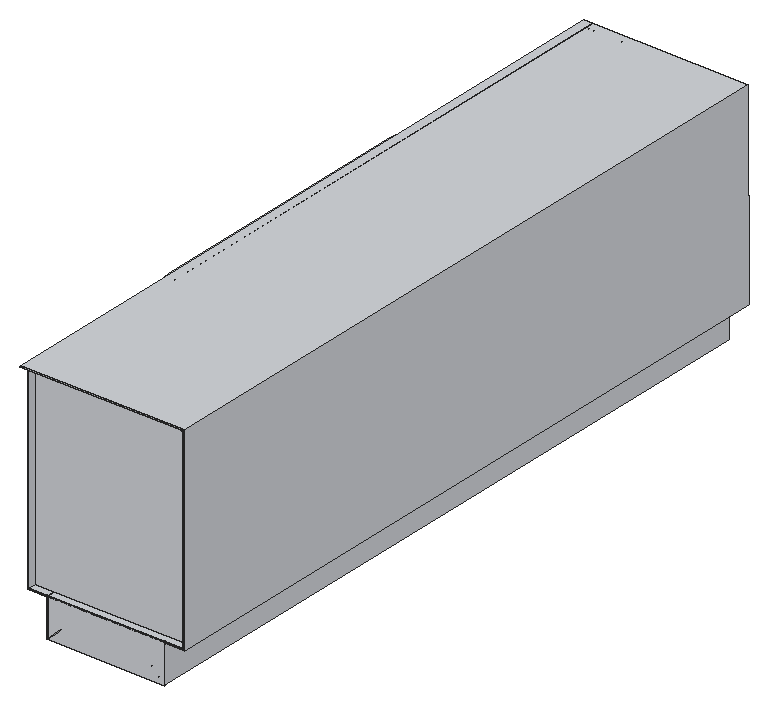
Revit family "Plenum (P-N, P-L) (Arrangement F) (Oval Inlet)", category Mechanical Equipment, Revit 2015
Parameters
  Width = 0' - 6"
  URL = "https://unitedenertech.com/catalog/pdf/I_2%20Model%20P-N,%20P-L,%20P-EX,%20P-N-SL,%20P-L-SL,%20P-EX-SL.pdf"
  Type Comments = "Consult Factory for Max. Sizes"
  P-L (Insulation Option) = yes
  Model = "P-N / P-L (Arrangement F) (Oval Inlet)"
  Manufacturer = "United Enertech Corporation"
  Major Axis = 1' - 6"
  Length = 3' - 0"
  Keynote = "Model Shown without Damper Option. Consult Factory for Models with Dampers."
  Minor Axis = 0' - 4"
  Hem Option = yes
  Height = 1' - 0"
  Description = "Plenum for Diffusers"
  C-C [instance] = Major Axis - Minor Axis  # 1' - 2"
  B = 0' - 1"
  A = 0' - 2"
Reference planes (in)
  plane 1 "Center (Front/Back)": y = 0
  plane 2: z = 0
  plane 3 "Center (Left/Right)": x = 0
  plane 4: x = 8
  plane 5: x = -1.5
  plane 6: x = 0.035
  plane 7: x = 7.965
  plane 8: z = 12
  plane 9: z = 11.965
  plane 10: z = 11.93
  plane 11: z = 11
  plane 12: z = 2
  plane 13: z = 7
  plane 14: z = 9
  plane 15: y = 18
  plane 16: y = -18
  plane 17: y = -17.965
  plane 18: y = 17.965
  plane 19: x = -0.375
  plane 20: y = 17.59
  plane 21: y = 17.55484
  plane 22: y = -17.59
  plane 23: y = -17.55484
  plane 24: z = 1.96484
  plane 25: x = 0.07016
  plane 26: x = 7.92984
  plane 27: y = 17.05484
  plane 28: x = 0.57016
  plane 29: x = 7.42984
  plane 30: y = -17.05484
  plane 31: z = 11.43
  plane 32: x = 4
  plane 33: x = 1
  plane 34: x = 7
  plane 35: z = 1.92969
  plane 36: x = 1.03516
  plane 37: x = 6.96484
  plane 38: y = 7
  plane 39: y = -7
  plane 40: y = 9
  plane 41: y = -9
  plane 42: y = 9.03516
  plane 43: y = -9.03516
  plane 44: z = 6.96484
  plane 45: z = 11.03516
Forms (in)
  Extrusion 1, solid
    sketch origin (0, 0, 0) x (1, 0, 0) y (0, 0, 1)
      loop
        line (-0.375, 12) -> (-0.375, 11.965) -> (7.965, 11.965) -> (7.965, 1.96484) -> (6.96484, 1.96484) -> (6.96484, 0) -> (7, 0) -> (7, 1.92969) -> (8, 1.92969) -> (8, 12) -> (-0.375, 12)
    from -17.965 to 17.965
  Extrusion 2, solid
    sketch origin (0, 0, 0) x (1, 0, 0) y (0, 0, 1)
      loop
        line (-0.375, 11.965) -> (-0.375, 11.93) -> (0, 11.93) -> (0, 1.92969) -> (1, 1.92969) -> (1, 0) -> (1.03516, 0) -> (1.03516, 1.96484) -> (0.035, 1.96484) -> (0.035, 11.965) -> (-0.375, 11.965)
    from -17.965 to 17.965
  Extrusion 3, solid
    sketch origin (0, 0, 0) x (0, 1, 0) y (0, 0, 1)
      loop
        line (17.965, 11.965) -> (17.55484, 11.965) -> (17.55484, 1.96484) -> (18, 1.96484) -> (18, 2) -> (17.59, 2) -> (17.59, 11.93) -> (17.965, 11.93) -> (17.965, 11.965)
    from 0.035 to 7.965
  Extrusion 4, solid
    sketch origin (0, 0, 0) x (0, 1, 0) y (0, 0, 1)
      loop
        line (-17.965, 11.965) -> (-17.965, 11.93) -> (-17.59, 11.93) -> (-17.59, 2) -> (-18, 2) -> (-18, 1.96484) -> (-17.55484, 1.96484) -> (-17.55484, 11.965) -> (-17.965, 11.965)
    from 0.035 to 7.965
  Extrusion 5, solid
    sketch origin (0, 0, 0) x (1, 0, 0) y (0, 0, 1)
      loop
        line (0.035, 2) -> (0.07016, 2) -> (0.07016, 11.93) -> (0.035, 11.93) -> (0.035, 2)
    from 17.59 to 17.965
  Extrusion 6, solid
    sketch origin (0, 0, 0) x (1, 0, 0) y (0, 0, 1)
      loop
        line (0.035, 2) -> (0.07016, 2) -> (0.07016, 11.93) -> (0.035, 11.93) -> (0.035, 2)
    from -17.965 to -17.59
  Extrusion 7, solid
    sketch origin (0, 0, 0) x (1, 0, 0) y (0, 0, 1)
      loop
        line (7.92984, 2) -> (7.965, 2) -> (7.965, 11.93) -> (7.92984, 11.93) -> (7.92984, 2)
    from 17.59 to 17.965
  Extrusion 8, solid
    sketch origin (0, 0, 0) x (1, 0, 0) y (0, 0, 1)
      loop
        line (7.92984, 2) -> (7.965, 2) -> (7.965, 11.93) -> (7.92984, 11.93) -> (7.92984, 2)
    from -17.965 to -17.59
  Extrusion 9, solid, material "Rigid insulation", visible <- "P-L (Insulation Option)"
    sketch origin (0, 0, 0) x (1, 0, 0) y (0, 0, 1)
      loop
        line (0.07016, 11.43) -> (7.92984, 11.43) -> (7.92984, 11.93) -> (0.07016, 11.93) -> (0.07016, 11.43)
    from -17.55484 to 17.55484
  Extrusion 10, solid, material "Rigid insulation", visible <- "P-L (Insulation Option)"
    sketch origin (0, 0, 0) x (1, 0, 0) y (0, 1, 0)
      loop
        line (0.57016, -17.05484) -> (7.42984, -17.05484) -> (7.42984, 17.05484) -> (0.57016, 17.05484) -> (0.57016, -17.05484)
      loop
        line (0.07016, -17.55484) -> (7.92984, -17.55484) -> (7.92984, 17.55484) -> (0.07016, 17.55484) -> (0.07016, -17.55484)
    from 2 to 11.43
  Extrusion 11, solid, visible <- "Hem Option"
    sketch origin (0, 0, 0) x (1, 0, 0) y (0, 0, 1)
      loop
        line (1.03516, 0) -> (1.74226, 0.70711) -> (1.7174, 0.73197) -> (1.03516, 0.04972) -> (1.03516, 0)
    from -17.965 to 17.965
  Extrusion 12, solid, visible <- "Hem Option"
    sketch origin (0, 0, 0) x (1, 0, 0) y (0, 0, 1)
      loop
        line (6.96484, 0) -> (6.96484, 0.04972) -> (6.2826, 0.73197) -> (6.25774, 0.70711) -> (6.96484, 0)
    from -17.965 to 17.965
  Extrusion 13, solid
    sketch origin (0, 0, 0) x (0, 1, 0) y (0, 0, 1)
      loop
        line (18, 2) -> (17.965, 2) -> (17.965, 0) -> (18, 0) -> (18, 2)
    from 1 to 7
  Extrusion 14, solid
    sketch origin (0, 0, 0) x (0, 1, 0) y (0, 0, 1)
      loop
        line (-17.965, 2) -> (-18, 2) -> (-18, 0) -> (-17.965, 0) -> (-17.965, 2)
    from 1 to 7
  Extrusion 15, void
    sketch origin (0, 0, 0) x (0, 1, 0) y (0, 0, 1)
      loop
        line (7, 11) -> (-7, 11)
        arc (-7, 11) -> (-9, 9) -> (-7, 7) r 2
        line (-7, 7) -> (7, 7)
        arc (7, 7) -> (9, 9) -> (7, 11) r 2
    from -1.5 to 1.7174
  Extrusion 16, solid
    sketch origin (0, 0, 0) x (0, 1, 0) y (0, 0, 1)
      loop
        line (7, 11) -> (-7, 11)
        arc (-7, 11) -> (-9, 9) -> (-7, 7) r 2
        line (-7, 7) -> (7, 7)
        arc (7, 7) -> (9, 9) -> (7, 11) r 2
      loop
        arc (-7, 11.03516) -> (-9.03516, 9) -> (-7, 6.96484) r 2.03516
        line (-7, 6.96484) -> (7, 6.96484)
        arc (7, 6.96484) -> (9.03516, 9) -> (7, 11.03516) r 2.03516
        line (7, 11.03516) -> (-7, 11.03516)
    from -1.5 to 0
Cuts and joins
  Extrusion 15 cuts Extrusion 1
  Extrusion 15 cuts Extrusion 2
  Extrusion 15 cuts Extrusion 10
Dimensions and locks (in)
  locked: plane 5 to plane 3 "Center (Left/Right)" at 1.5
  locked: plane 3 "Center (Left/Right)" to plane 6 at 0.035
  locked: plane 7 to plane 4 at 0.035
  locked: plane 8 to plane 9 at 0.035
  locked: plane 9 to plane 10 at 0.035
  locked: plane 8 to plane 11 at 1
  "Height": plane 8 to level
  "A": plane 12 to level
  equal spacing: plane 11, plane 14, plane 13
  "Minor Axis": plane 11 to plane 13
  equal spacing: plane 15, plane 1 "Center (Front/Back)", plane 16
  "Length": plane 15 to plane 16
  locked: plane 17 to plane 16 at 0.035
  locked: plane 18 to plane 15 at 0.035
  locked: plane 3 "Center (Left/Right)" to plane 19 at 0.375
  locked: plane 18 to plane 20 at 0.375
  locked: plane 20 to plane 21 at 0.03516
  locked: plane 22 to plane 17 at 0.375
  locked: plane 23 to plane 22 at 0.03516
  locked: plane 12 to plane 24 at 0.03516
  locked: plane 25 to plane 6 at 0.03516
  locked: plane 26 to plane 7 at 0.03516
  locked: plane 21 to plane 27 at 0.5
  locked: plane 25 to plane 28 at 0.5
  locked: plane 29 to plane 26 at 0.5
  locked: plane 30 to plane 23 at 0.5
  locked: plane 10 to plane 31 at 0.5
  locked: Extrusion 11 sketch curve to Extrusion 11 sketch curve at 1
  locked: Extrusion 12 sketch curve to Extrusion 12 sketch curve at 1
  equal spacing: plane 4, plane 32, plane 3 "Center (Left/Right)"
  equal spacing: plane 34, plane 32, plane 33
  "Width": plane 34 to plane 33
  "B": plane 33 to plane 3 "Center (Left/Right)"
  locked: plane 24 to plane 35 at 0.03516
  locked: plane 36 to plane 33 at 0.03516
  locked: plane 34 to plane 37 at 0.03516
  equal spacing: plane 38, plane 1 "Center (Front/Back)", plane 39
  "C-C": plane 38 to plane 39
  equal spacing: plane 40, plane 1 "Center (Front/Back)", plane 41
  "Major Axis": plane 40 to plane 41
  locked: plane 42 to plane 40 at 0.03516
  locked: plane 41 to plane 43 at 0.03516
  locked: plane 45 to plane 11 at 0.03516
  locked: plane 13 to plane 44 at 0.03516
  locked: level to Extrusion 11 sketch curve (angle 45.00°)
  locked: Extrusion 12 sketch curve to level (angle 45.00°)
  aligned and locked: level to plane 2
  aligned and locked: plane 19 to Extrusion 1 sketch curve
  aligned and locked: Extrusion 1 sketch curve to plane 8
  aligned and locked: plane 4 to Extrusion 1 sketch curve
  aligned and locked: Extrusion 1 sketch curve to plane 7
  aligned and locked: plane 9 to Extrusion 1 sketch curve
  aligned and locked: Extrusion 1 to plane 18
  aligned and locked: Extrusion 1 to plane 17
  aligned and locked: Extrusion 2 sketch curve to plane 9
  aligned and locked: plane 19 to Extrusion 2 sketch curve
  aligned and locked: plane 10 to Extrusion 2 sketch curve
  aligned and locked: Extrusion 2 sketch curve to plane 6
  aligned and locked: plane 3 "Center (Left/Right)" to Extrusion 2 sketch curve
  aligned and locked: Extrusion 2 to plane 17
  aligned and locked: Extrusion 2 to plane 18
  aligned and locked: Extrusion 3 sketch curve to plane 9
  aligned and locked: plane 18 to Extrusion 3 sketch curve
  aligned and locked: plane 10 to Extrusion 3 sketch curve
  aligned and locked: Extrusion 3 sketch curve to plane 15
  aligned and locked: plane 24 to Extrusion 3 sketch curve
  aligned and locked: Extrusion 3 sketch curve to plane 12
  aligned and locked: plane 20 to Extrusion 3 sketch curve
  aligned and locked: Extrusion 3 sketch curve to plane 21
  aligned and locked: Extrusion 3 to plane 6
  aligned and locked: Extrusion 3 to plane 7
  aligned and locked: plane 9 to Extrusion 4 sketch curve
  aligned and locked: Extrusion 4 sketch curve to plane 17
  aligned and locked: Extrusion 4 sketch curve to plane 10
  aligned and locked: Extrusion 4 sketch curve to plane 16
  aligned and locked: Extrusion 4 sketch curve to plane 24
  aligned and locked: plane 12 to Extrusion 4 sketch curve
  aligned and locked: Extrusion 4 sketch curve to plane 22
  aligned and locked: plane 23 to Extrusion 4 sketch curve
  aligned and locked: Extrusion 4 to plane 6
  aligned and locked: Extrusion 4 to plane 7
  aligned and locked: plane 10 to Extrusion 5 sketch curve
  aligned and locked: Extrusion 5 sketch curve to plane 6
  aligned and locked: plane 25 to Extrusion 5 sketch curve
  aligned and locked: Extrusion 5 sketch curve to plane 12
  aligned and locked: Extrusion 6 to plane 18
  aligned and locked: plane 20 to Extrusion 6
  aligned and locked: plane 22 to Extrusion 5
  aligned and locked: Extrusion 5 to plane 17
  aligned and locked: Extrusion 7 sketch curve to plane 12
  aligned and locked: Extrusion 7 sketch curve to plane 7
  aligned and locked: Extrusion 7 sketch curve to plane 26
  aligned and locked: plane 10 to Extrusion 7 sketch curve
  aligned and locked: Extrusion 8 to plane 18
  aligned and locked: plane 20 to Extrusion 8
  aligned and locked: Extrusion 7 to plane 17
  aligned and locked: plane 22 to Extrusion 7
  aligned and locked: plane 10 to Extrusion 9 sketch curve
  aligned and locked: plane 26 to Extrusion 9 sketch curve
  aligned and locked: Extrusion 9 sketch curve to plane 25
  aligned and locked: Extrusion 9 sketch curve to plane 31
  aligned and locked: Extrusion 9 to plane 23
  aligned and locked: Extrusion 9 to plane 21
  aligned and locked: Extrusion 10 sketch curve to plane 25
  aligned and locked: Extrusion 10 sketch curve to plane 21
  aligned and locked: plane 26 to Extrusion 10 sketch curve
  aligned and locked: Extrusion 10 sketch curve to plane 23
  aligned and locked: Extrusion 10 sketch curve to plane 30
  aligned and locked: Extrusion 10 sketch curve to plane 28
  aligned and locked: plane 29 to Extrusion 10 sketch curve
  aligned and locked: plane 27 to Extrusion 10 sketch curve
  aligned and locked: Extrusion 10 to plane 12
  aligned and locked: plane 31 to Extrusion 10
  aligned and locked: level to Extrusion 11 sketch curve
  aligned and locked: Extrusion 11 to plane 17
  aligned and locked: Extrusion 11 to plane 18
  aligned and locked: level to Extrusion 12 sketch curve
  aligned and locked: Extrusion 12 to plane 18
  aligned and locked: Extrusion 12 to plane 17
  aligned and locked: plane 24 to Extrusion 2 sketch curve
  aligned and locked: Extrusion 2 sketch curve to plane 35
  aligned and locked: Extrusion 2 sketch curve to plane 33
  aligned and locked: Extrusion 2 sketch curve to level
  aligned and locked: Extrusion 2 sketch curve to plane 36
  aligned and locked: Extrusion 11 sketch curve to plane 36
  aligned and locked: plane 37 to Extrusion 12 sketch curve
  aligned and locked: plane 35 to Extrusion 1 sketch curve
  aligned and locked: Extrusion 1 sketch curve to plane 24
  aligned and locked: level to Extrusion 1 sketch curve
  aligned and locked: plane 37 to Extrusion 1 sketch curve
  aligned and locked: Extrusion 1 sketch curve to plane 34
  aligned and locked: Extrusion 13 sketch curve to level
  aligned and locked: plane 18 to Extrusion 13 sketch curve
  aligned and locked: Extrusion 13 sketch curve to plane 12
  aligned and locked: plane 15 to Extrusion 13 sketch curve
  aligned and locked: Extrusion 13 to plane 33
  aligned and locked: plane 34 to Extrusion 13
  aligned and locked: plane 12 to Extrusion 14 sketch curve
  aligned and locked: plane 17 to Extrusion 14 sketch curve
  aligned and locked: Extrusion 14 sketch curve to level
  aligned and locked: Extrusion 14 sketch curve to plane 16
  aligned and locked: Extrusion 14 to plane 33
  aligned and locked: plane 34 to Extrusion 14
  aligned and locked: Extrusion 15 sketch curve to plane 13
  aligned and locked: plane 38 to Extrusion 15 sketch curve  (x2)
  aligned and locked: plane 39 to Extrusion 15 sketch curve  (x2)
  aligned and locked: Extrusion 15 sketch curve to plane 11
  aligned and locked: Extrusion 15 to plane 5
  aligned and locked: Extrusion 15 to Extrusion 11
  aligned and locked: plane 38 to Extrusion 16 sketch curve  (x4)
  aligned and locked: plane 39 to Extrusion 16 sketch curve  (x4)
  aligned and locked: Extrusion 16 sketch curve to plane 44
  aligned and locked: Extrusion 16 sketch curve to plane 13
  aligned and locked: Extrusion 16 sketch curve to plane 11
  aligned and locked: plane 45 to Extrusion 16 sketch curve
  aligned and locked: Extrusion 16 to plane 5
  aligned and locked: plane 3 "Center (Left/Right)" to Extrusion 16
Automatic sketch dimensions
  Extrusion 6 sketch curve to plane 6 = 0' - 0"
  Extrusion 6 sketch curve to plane 10 = 0' - 0"
  Extrusion 6 sketch curve to plane 25 = 0' - 0"
  Extrusion 6 sketch curve to plane 12 = 0' - 0"
  Extrusion 8 sketch curve to plane 10 = 0' - 0"
  Extrusion 8 sketch curve to plane 26 = 0' - 0"
  plane 7 to Extrusion 8 sketch curve = 0' - 0"
  Extrusion 8 sketch curve to plane 12 = 0' - 0"
  Extrusion 11 sketch curve to Extrusion 11 sketch curve = 0' - 0.02486"
  Extrusion 12 sketch curve to Extrusion 12 sketch curve = 0' - 0.02486"
